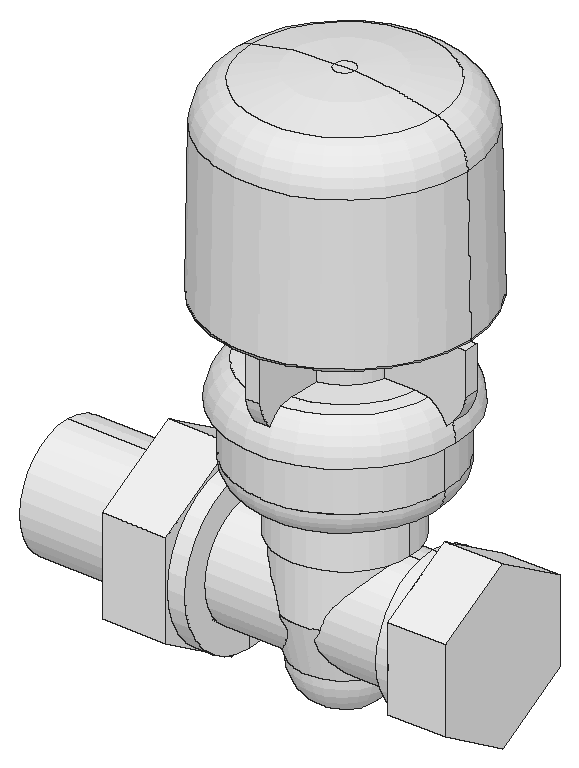
Revit family "RA-DV_Straight_DN10-20_F_Aero_RFA_1", category Pipe Accessories, Revit 2019
Family settings
  Round Connector Dimension = Use Diameter
  Part Type = Valve - Breaks Into
  OmniClass Number = 23.65.55.14.17
  OmniClass Title = Adjusting/Controlling Valves for Liquid Services
  Work Plane-Based = No
  Always vertical = Yes
  Cut with Voids When Loaded = No
  Shared = No
Parameters (values of type "RA-DV_Straight_DN20_F_013G7716")
  Weight = 0.19 kg
  W = if(or(Sensor Type = [015G4540], Sensor Type = [015G4544], Sensor Type = [015G4542]), 61.00 mm, 56.00 mm)  # 56.00 mm
  Valve Body Material = Danfoss Nickel Plated Brass
  URL = "https://store.danfoss.com/en/Climate-Solutions-for-heating/Radiator-Thermostats/Radiator-Valves/Build-on-valves/Dynamic-Valves/c/13865?q=%3Arelevance%3Adanfoss_producttypehierarchydesc%3ARA-DV%3Adanfoss_a223339155%3AA223_3391558c5e50fab3748e9c53a6863b3dce1401&page=0&pageSize=10"
  TT = 18.35 mm
  TB = 18.35 mm
  T3 = 8.336 mm
  T2 = 13.20 mm
  T1 = 12.70 mm
  Setting Range = "1-7,N"  # constant formula
  Sensor Type = Aero Sensors_RA_RFA_1 : Aero Sensors_Built-in_7-28 °C
  SH_L = (LL - LL2) + LR + LL3  # 74.10 mm
  R8 = 13.50 mm
  R7 = 1.008 mm
  R6 = 5.00 mm
  R5 = 8.277 mm
  R4 = 10.00 mm  # constant formula
  R3 = 8.277 mm
  R2 = 11.525 mm
  R1 = 14.455 mm
  Pressure Drop [instance] = 0.0 bar
  PTR = 2.70 mm
  PTL = 4.00 mm
  PHR = 15.60 mm
  PHL = 18.10 mm
  Model Type = "RA-DV_Straight_DN20_F"
  Model = "013G7716"
  Min Medium Temperature = "2 °C"  # constant formula
  Min Differential Pressure = "0.1 bar"  # constant formula
  Max Operating Pressure = "10 bar"  # constant formula
  Max Medium Temperature = "95 °C"  # constant formula
  Max Flow (Text) = "135 l/h"  # constant formula
  Max Differential Pressure = "0.6 bar"  # constant formula
  Manufacturer = "Danfoss"  # constant formula
  LR2 = 12.90 mm
  LR1 = 0.652 mm
  LR = 35.00 mm
  LOD 350 = not(LOD 200)  # yes
  LOD 200 = no
  LL3 = 14.00 mm
  LL2 = 36.50 mm
  LL = 61.60 mm
  L [instance] = 96.60 mm
  IfcExportType = "RA-DV"  # constant formula
  IfcExportAs = "IfcValveType"  # constant formula
  Hex22 = 31.70 mm
  Hex2 = 36.60 mm
  Hex11 = 36.70 mm
  Hex1 = 42.40 mm
  Ha [instance] = 105.00 mm
  HT7 = 3.85 mm
  HT6 = 3.75 mm
  HT5 = 3.40 mm
  HT4 = 9.924 mm
  HT3 = 1.826 mm
  HT2 = 7.70 mm
  HT1 = 21.00 mm
  HB2 = 10.00 mm
  HB1 = 11.00 mm
  H [instance] = 126.00 mm
  Flow [instance] = 0.0 L/s
  Description = "Thermostatic Radiator Valve"  # constant formula
  D = 20.00 mm
  Application = "2-Pipe System"  # constant formula
  015G4544 = Aero Sensors_RA_RFA_1 : Aero Sensors_Tamperproof_Built-in_7-21 °C_015G4544
  015G4542 = Aero Sensors_RA_RFA_1 : Aero Sensors_Tamperproof_Remote_7-26 °C_015G4542
  015G4540 = Aero Sensors_RA_RFA_1 : Aero Sensors_Tamperproof_Built-in_7-28 °C_015G4540
Reference planes
  plane 1 "Center (Front/Back)": y = 0
  plane 2: z = 0
  plane 3 "Center (Left/Right)": x = 0
  plane 4 "Sensor": z = 21
  plane 5: x = -61.6
  plane 6 "LL": x = -25.1
  plane 7 "LR": x = 22.1
  plane 8: x = 35
  plane 9: z = 51.45
  plane 10: z = 47.6
  plane 11: z = 43.85
  plane 12: z = 40.45
  plane 13: z = 30.526
  plane 14: z = 28.7
  plane 15: z = 12.664
  plane 16: z = -11
  plane 17: z = -21
  plane 18: x = -39.1
  plane 19: x = -2.05
  plane 20: y = 28
  plane 21: y = -28
Forms (mm)
  Revolve 1, solid, material "Danfoss Nickel Plated Brass" <- "Valve Body Material", detail levels fine
    sketch origin (0, 0, 0) x (1, 0, 0) y (0, 0, 1)
      loop
        line (-61.6, 0) -> (-25.1, 0) -> (-25.1, 13.2) -> (-61.6, 13.2) -> (-61.6, 0)
      axis (-61.6, 0) -> (-25.1, 0)
    angle from 0 to 360
  Revolve 2, solid, material "Danfoss Nickel Plated Brass" <- "Valve Body Material", detail levels fine
    sketch origin (0, 0, 0) x (1, 0, 0) y (0, 0, 1)
      loop
        line (22.1, 12.7) -> (-25.1, 12.7) -> (-25.1, 0) -> (22.1, 0) -> (22.1, 12.7)
      axis (22.1, 0) -> (-25.1, 0)
    angle from 0 to 360
  Revolve 3, solid, material "Danfoss Brass", visible <- "LOD 350", detail levels fine
    sketch origin (0, 0, 0) x (1, 0, 0) y (0, 0, 1)
      loop
        line (0, 47.6) -> (-5, 47.6) -> (-5, 43.85) -> (-8.277, 43.85) -> (-8.277, 40.45) -> (0, 40.45) -> (0, 47.6)
      loop
        line (-8.277, 30.526) -> (-8.277, 28.7) -> (-11.525, 28.7) -> (-11.525, 21) -> (0, 21) -> (0, 30.526) -> (-8.277, 30.526)
      axis (0, 21) -> (0, 47.6)
    angle from 0 to 360
  Revolve 4, solid, material "Danfoss Nickel Plated Brass" <- "Valve Body Material", visible <- "LOD 350", detail levels fine
    sketch origin (0, 0, 0) x (1, 0, 0) y (0, 0, 1)
      loop
        line (13.5, 0) -> (13.5, 12.664) -> (14.455, 12.664) -> (14.455, 21) -> (0, 21) -> (0, -20.979)
        arc (0, -20.979) -> (7.401, -18.379) -> (10.65, -11.239) r 10
        line (10.65, -11.239) -> (13.5, 0)
      axis (0, -20.979) -> (0, 21)
    angle from 0 to 360
  Revolve 5, solid, material "Danfoss Nickel Plated Brass" <- "Valve Body Material", visible <- "LOD 350", detail levels fine
    sketch origin (0, 0, 0) x (1, 0, 0) y (0, 0, 1)
      loop
        line (-25.1, 18.1) -> (-25.1, 0) -> (-21.1, 0) -> (-21.1, 18.1) -> (-25.1, 18.1)
      axis (-25.1, 0) -> (-21.1, 0)
    angle from 0 to 360
  Revolve 6, solid, material "Danfoss Nickel Plated Brass" <- "Valve Body Material", visible <- "LOD 350", detail levels fine
    sketch origin (0, 0, 0) x (1, 0, 0) y (0, 0, 1)
      loop
        line (22.1, 15.6) -> (19.4, 15.6) -> (19.4, 0) -> (22.1, 0) -> (22.1, 15.6)
      axis (19.4, 0) -> (22.1, 0)
    angle from 0 to 360
  Extrusion 7, solid, material "Danfoss Nickel Plated Brass" <- "Valve Body Material", visible <- "LOD 350", detail levels fine
    sketch origin (0, 0, 0) x (1, 0, 0) y (0, 0, 1)
      loop
        line (0, 0) -> (-26.668, 0) -> (-7.699, -18.969)
        arc (-7.699, -18.969) -> (-4.013, -20.598) -> (0, -20.97) r 12.5
        line (0, -20.97) -> (0, 0)
    from -2 to 2
  Extrusion 8, solid, material "Danfoss Nickel Plated Brass" <- "Valve Body Material", visible <- "LOD 200", detail levels fine
    sketch origin (-25.1, 0, 0) x (0, 0, -1) y (0, -1, 0)
      loop
        circle (0, 0) r 21.2
    from 0 to 14
  Extrusion 9, solid, material "Danfoss Nickel Plated Brass" <- "Valve Body Material", visible <- "LOD 200", detail levels fine
    sketch origin (22.1, 0, 0) x (0, 0, -1) y (0, -1, 0)
      loop
        circle (0, 0) r 18.3
    from 0 to -12.9
  Revolve 10, solid, material "Danfoss Nickel Plated Brass" <- "Valve Body Material", visible <- "LOD 200", detail levels fine
    sketch origin (0, 0, 0) x (1, 0, 0) y (0, 0, 1)
      loop
        line (10, -14.553) -> (10, 12.664) -> (14.455, 12.664) -> (14.455, 21) -> (0, 21) -> (0, -20.979)
        arc (0, -20.979) -> (6.058, -19.413) -> (10, -14.553) r 10
      axis (0, -20.979) -> (0, 21)
    angle from 0 to 360
  Revolve 11, solid, material "Danfoss Brass", visible <- "LOD 200", detail levels fine
    sketch origin (0, 0, 0) x (1, 0, 0) y (0, 0, 1)
      loop
        line (-5, 47.6) -> (-5, 40.45) -> (0, 40.45) -> (0, 47.6) -> (-5, 47.6)
      axis (0, 47.6) -> (0, 40.45)
    angle from 0 to 360
  Revolve 12, solid, material "Danfoss Nickel Plated Brass" <- "Valve Body Material", detail levels fine
    sketch origin (0, 0, 0) x (1, 0, 0) y (0, 0, 1)
      loop
        line (0, 51.45) -> (-1.008, 51.45) -> (-1.008, 47.6) -> (0, 47.6) -> (0, 51.45)
      axis (0, 51.45) -> (0, 47.6)
    angle from 0 to 360
  Revolve 13, solid, material "Danfoss Plastic Green", detail levels fine
    sketch origin (0, 0, 0) x (1, 0, 0) y (0, 0, 1)
      loop
        line (0, 40.45) -> (-10, 40.45) -> (-10, 30.526) -> (0, 30.526) -> (0, 40.45)
      axis (0, 40.45) -> (0, 30.526)
    angle from 0 to 360
  Revolve 14, solid, material "Danfoss Brass", visible <- "LOD 200", detail levels fine
    sketch origin (0, 0, 0) x (1, 0, 0) y (0, 0, 1)
      loop
        line (0, 30.526) -> (-11.525, 30.526) -> (-11.525, 21) -> (0, 21) -> (0, 30.526)
      axis (0, 30.526) -> (0, 21)
    angle from 0 to 360
Dimensions and locks
  "LL": plane 3 "Center (Left/Right)" to plane 5
  "LR": plane 8 to plane 3 "Center (Left/Right)"
  "LR2": plane 7 "LR" to plane 8
  "LL2": plane 5 to plane 6 "LL"
  "HT1": plane 4 "Sensor" to level
  "T3": plane 4 "Sensor" to plane 15
  "HT2": plane 14 to plane 4 "Sensor"
  "HT3": plane 13 to plane 14
  "HT4": plane 12 to plane 13
  "HT5": plane 11 to plane 12
  "HT6": plane 10 to plane 11
  "HT7": plane 9 to plane 10
  "T2": Revolve 1 sketch curve to level
  "T1": Revolve 2 sketch curve to level
  "R6": plane 3 "Center (Left/Right)" to Revolve 3 sketch curve
  "R5": plane 3 "Center (Left/Right)" to Revolve 3 sketch curve
  "R3": plane 3 "Center (Left/Right)" to Revolve 3 sketch curve
  "R2": Revolve 3 sketch curve to plane 3 "Center (Left/Right)"
  "R8": Revolve 4 sketch curve to plane 3 "Center (Left/Right)"
  "HB1": level to Revolve 4 sketch curve
  "LR1": Revolve 4 sketch curve to plane 3 "Center (Left/Right)"
  "PTL": plane 6 "LL" to Revolve 5 sketch curve
  "PHL": Revolve 5 sketch curve to level
  "PTR": Revolve 6 sketch curve to plane 7 "LR"
  "PHR": Revolve 6 sketch curve to level
  "R1": Revolve 4 sketch curve to plane 3 "Center (Left/Right)"
  "HB2": plane 16 to plane 17
  "HB1": level to plane 16
  "LL3": plane 18 to plane 6 "LL"
  equal spacing: plane 18, plane 19, plane 8
  "HB2": Revolve 10 sketch curve to plane 3 "Center (Left/Right)"
  "R1": Revolve 10 sketch curve to plane 3 "Center (Left/Right)"
  "HB1": level to Revolve 10 sketch curve
  locked: plane 3 "Center (Left/Right)" to Extrusion 7 sketch curve at 26.668
  level to Extrusion 7 sketch curve = 8.50 mm
  "H": nested 4 to plane 17
  "L": plane 5 to plane 8
  equal spacing: plane 20, plane 1 "Center (Front/Back)", plane 21
  "W": plane 20 to plane 21
  plane 3 "Center (Left/Right)" to Revolve 11 sketch curve = 5.00 mm
  "R4": Revolve 13 sketch curve to Revolve 13 sketch curve
  Revolve 14 sketch curve to Revolve 14 sketch curve = 11.525 mm
  Revolve 12 sketch curve to plane 3 "Center (Left/Right)" = 1.008 mm
  "Ha": nested 4 to plane 2
  "HB2": radius of Revolve 4 sketch curve
  "Hex1": diameter of Extrusion 8 sketch curve
  "Hex2": diameter of Extrusion 9 sketch curve
  "HB2": radius of Revolve 10 sketch curve
  radius of Extrusion 7 sketch curve = 12.50 mm
  angle plane 3 "Center (Left/Right)" to Extrusion 7 sketch curve = 45.00°
  aligned and locked: level to plane 2
  aligned and locked: Revolve 1 sketch curve to plane 2  (x2)
  aligned and locked: plane 5 to Revolve 1 sketch curve
  aligned and locked: Revolve 1 sketch curve to plane 6 "LL"
  aligned and locked: Revolve 2 sketch curve to plane 7 "LR"
  aligned and locked: plane 6 "LL" to Revolve 2 sketch curve
  aligned and locked: Revolve 2 sketch curve to level
  aligned and locked: plane 2 to Revolve 2 sketch curve
  aligned and locked: plane 3 "Center (Left/Right)" to Revolve 3 sketch curve  (x3)
  aligned and locked: plane 4 "Sensor" to Revolve 3 sketch curve
  aligned and locked: Revolve 3 sketch curve to plane 14
  aligned and locked: Revolve 3 sketch curve to plane 11
  aligned and locked: Revolve 3 sketch curve to plane 10
  aligned and locked: plane 3 "Center (Left/Right)" to Revolve 4 sketch curve
  aligned and locked: plane 15 to Revolve 4 sketch curve
  aligned and locked: Revolve 4 sketch curve to plane 3 "Center (Left/Right)"
  aligned and locked: level to Revolve 4 sketch curve
  aligned and locked: Revolve 5 sketch curve to plane 6 "LL"
  aligned and locked: plane 2 to Revolve 5 sketch curve
  aligned and locked: Revolve 5 sketch curve to plane 2
  aligned and locked: Revolve 6 sketch curve to plane 7 "LR"
  aligned and locked: Revolve 6 sketch curve to plane 2
  aligned and locked: level to nested 1
  aligned and locked: nested 1 to plane 1 "Center (Front/Back)"
  aligned and locked: level to nested 2
  aligned and locked: plane 1 "Center (Front/Back)" to nested 3
  aligned and locked: nested 2 to plane 6 "LL"
  aligned and locked: Extrusion 9 to plane 8
  aligned and locked: plane 18 to Extrusion 8
  aligned and locked: Extrusion 7 sketch curve to level
  aligned and locked: Extrusion 7 sketch curve to plane 3 "Center (Left/Right)"
  aligned and locked: Revolve 11 sketch curve to Revolve 3
  aligned and locked: Revolve 11 sketch curve to plane 3 "Center (Left/Right)"  (x2)
  aligned and locked: Revolve 12 sketch curve to plane 3 "Center (Left/Right)"  (x2)
  aligned and locked: Revolve 12 sketch curve to plane 9
  aligned and locked: Revolve 11 to Revolve 12 sketch curve
  aligned and locked: Revolve 13 sketch curve to plane 3 "Center (Left/Right)"  (x2)
  aligned and locked: Revolve 14 sketch curve to plane 3 "Center (Left/Right)"  (x2)
  aligned and locked: Revolve 14 sketch curve to Revolve 13
  aligned and locked: Revolve 10 to Revolve 14 sketch curve
  aligned and locked: Revolve 3 sketch curve to plane 12
  aligned and locked: Revolve 3 sketch curve to plane 13
  aligned and locked: plane 3 "Center (Left/Right)" to nested 4
  aligned and locked: plane 1 "Center (Front/Back)" to nested 4
  aligned and locked: nested 4 to plane 4 "Sensor"
  aligned and locked: nested 3 to plane 8
  aligned and locked: plane 2 to nested 3
Automatic sketch dimensions
  Extrusion 7 sketch curve to plane 3 "Center (Left/Right)" = 0.869 mm
  plane 17 to Revolve 11 sketch curve = 345.045 mm
  Revolve 11 sketch curve to plane 9 = 2162.865 mm
  plane 11 to Revolve 12 sketch curve = 0.832 mm
  Revolve 12 sketch curve to plane 9 = 6.568 mm
  plane 17 to Revolve 14 sketch curve = 345.045 mm
  Revolve 14 sketch curve to plane 9 = 2162.865 mm
  Revolve 11 sketch curve to plane 12 = 0.00 mm
  plane 5 to Revolve 1 sketch curve = 35.00 mm
  Revolve 1 sketch curve to Revolve 1 sketch curve = 10.00 mm
  Revolve 2 sketch curve to plane 8 = 21.15 mm
  Revolve 2 sketch curve to Revolve 2 sketch curve = 5.00 mm
  Revolve 3 sketch curve to plane 9 = 8.15 mm
  Revolve 3 sketch curve to Revolve 3 sketch curve = 5.00 mm
  Revolve 4 sketch curve to plane 4 "Sensor" = 0.00 mm
  plane 16 to Revolve 4 sketch curve = 0.239 mm
  Revolve 4 sketch curve to plane 9 = 12.995 mm
  Revolve 4 sketch curve to Revolve 4 sketch curve = 10.00 mm
  plane 5 to Revolve 5 sketch curve = 6.452 mm
  Revolve 5 sketch curve to Revolve 5 sketch curve = 6.248 mm
  Revolve 6 sketch curve to level = 0.00 mm
  plane 5 to Revolve 6 sketch curve = 403.008 mm
  Revolve 6 sketch curve to Revolve 6 sketch curve = 5.00 mm
  Extrusion 8 sketch curve to level = 0.00 mm
  Extrusion 8 sketch curve to plane 1 "Center (Front/Back)" = 0.00 mm
  Extrusion 9 sketch curve to level = 0.00 mm
  Extrusion 9 sketch curve to plane 1 "Center (Front/Back)" = 0.00 mm
  Revolve 10 sketch curve to plane 3 "Center (Left/Right)" = 0.00 mm  (x2)
  Revolve 10 sketch curve to plane 15 = 0.00 mm
  Revolve 10 sketch curve to plane 4 "Sensor" = 0.00 mm
  plane 3 "Center (Left/Right)" to Revolve 10 sketch curve = 0.652 mm
  Revolve 10 sketch curve to plane 9 = 12.995 mm
  Revolve 10 sketch curve to Revolve 10 sketch curve = 10.00 mm
  Revolve 13 sketch curve to plane 13 = 0.00 mm
  Revolve 13 sketch curve to plane 12 = 0.00 mm
  plane 17 to Revolve 13 sketch curve = 345.045 mm
  Revolve 13 sketch curve to plane 9 = 2162.865 mm
Nested families
  nested 1: "Hexagon" at (22.1, 0, 0) x (0, 0, 1) z (1, 0, 0), h <- "LR2", a <- "Hex22", Body Material <- "Valve Body Material", visible <- "LOD 350", type "Hexagon"
    with h 12.90 mm, b 15.85 mm, a 31.70 mm, Body Material Danfoss Nickel Plated Brass
  nested 2: "Hexagon" at (-25.1, 0, 0) x (0, 0, 1) z (-1, 0, 0), h <- "LL3", a <- "Hex11", visible <- "LOD 350", Body Material <- "Valve Body Material", type "Hexagon"
    with h 14.00 mm, b 18.35 mm, a 36.70 mm, Body Material Danfoss Nickel Plated Brass
  nested 3: "Schematic_Pressure Independent TRV_Sensor_Straight" at (-2.05, 0, 0), type "Schematic_Pressure Independent TRV_Sensor_Straight", detail levels coarse+medium
    with L/4_2 2.316 mm, L/2 37.05 mm, H/3_2 30.50 mm, H/3_1 7.32 mm, H/3 24.70 mm, L/4 14.82 mm, L 74.10 mm, H/8 9.263 mm, H/2 37.05 mm, H 109.80 mm, D 36.60 mm
  nested 4: "Aero Sensors_RA_RFA_1" at (0, 0, 21), LOD 200 <- "LOD 200", type <- "Sensor Type", type "Aero Sensors_Built-in_7-28 °C", detail levels fine
    with Y' 700.00 mm, X' 700.00 mm, LOD 350 yes, LOD 200 no, Box Z Offset 100.00 mm, Box Y Offset 100.00 mm, Box X Offset 100.00 mm
Connectors
  piping at (35, 0, 0), diameter 20, driven by "D", driven by "Flow"
    settings: on nested 1, index 1, connector inside diameter 609.6 mm, connector length 0.00 mm, flow factor 0, pipe flow 0.0 L/s, pressure drop 0.0 bar, fitting loss kfactor 0, connector angle 0.00°, fixture units 0, engagement length 0.00 mm, angle of deflection 0.00°, flow configuration 0, flow direction 1, fitting loss method 0, system type 29, joint type 0, gender type 0, connector reference index 2, connector utility 0, adjustable connector no, is connector primary yes, connector description ""
  piping at (-39.1, 0, 0), diameter 20, driven by "D", driven by "Flow"
    settings: on Extrusion 8, index 2, connector inside diameter 609.6 mm, connector length 0.00 mm, flow factor 0, pipe flow 0.0 L/s, pressure drop 0.0 bar, fitting loss kfactor 0, connector angle 0.00°, fixture units 0, engagement length 0.00 mm, angle of deflection 0.00°, flow configuration 0, flow direction 2, fitting loss method 0, system type 29, joint type 0, gender type 0, connector reference index 1, connector utility 0, adjustable connector no, is connector primary no, connector description ""
Definition of nested family "Hexagon"
  Parameters (values of type "Hexagon")
    h [instance] = 4.00 mm
    b [instance] = a / 2  # 10.00 mm
    a [instance] = 20.00 mm
    Default Elevation = 1219.20 mm
    Body Material [instance] = none
  Reference planes
    plane 1 "Center (Front/Back)": y = 0
    plane 2: z = 0
    plane 3 "Center (Left/Right)": x = 0
    plane 4: z = 4
  Forms (mm)
    Extrusion 1, solid
      sketch origin (0, 0, 0) x (1, 0, 0) y (0, 1, 0)
        loop
          line (-1219.2, 1219.2) -> (-1219.2, -1219.2) -> (1219.2, -1219.2) -> (1219.2, 1219.2) -> (-1219.2, 1219.2)
      from 0 to -304.8
    Extrusion 2, solid, material <- "Body Material", detail levels fine
      sketch origin (0, 0, 0) x (1, 0, 0) y (0, 1, 0)
        loop
          line (5.774, 10) -> (-5.774, 10) -> (-11.547, 0) -> (-5.774, -10) -> (5.774, -10) -> (11.547, 0) -> (5.774, 10)
      from 0 to 4
  Lines and regions (mm)
    reference lines
      curve 1: line (125, -216.506, 0) -> (-125, 216.506, 0)
      curve 2: line (-125, -216.506, 0) -> (125, 216.506, 0)
  Dimensions and locks
    "h": plane 4 to level
    "b": curve 1 to Extrusion 2 sketch curve
    "b": Extrusion 2 sketch curve to curve 1
    "b": Extrusion 2 sketch curve to curve 2  (x2)
    "b": plane 1 "Center (Front/Back)" to Extrusion 2 sketch curve
    "b": Extrusion 2 sketch curve to plane 1 "Center (Front/Back)"
    aligned and locked: plane 2 to Extrusion 1
    aligned and locked: level to Extrusion 1
    aligned and locked: plane 4 to Extrusion 2
  Automatic sketch dimensions
    Extrusion 1 sketch curve to Extrusion 1 sketch curve = 2438.40 mm  (x2)
    curve 1 to plane 3 "Center (Left/Right)" = 125.00 mm
    plane 1 "Center (Front/Back)" to curve 2 = 216.506 mm
    curve 2 to plane 3 "Center (Left/Right)" = 125.00 mm
    plane 3 "Center (Left/Right)" to curve 2 = 125.00 mm
    plane 3 "Center (Left/Right)" to curve 1 = 125.00 mm
    plane 1 "Center (Front/Back)" to curve 1 = 216.506 mm
    curve 2 to plane 1 "Center (Front/Back)" = 216.506 mm
    curve 1 to plane 1 "Center (Front/Back)" = 216.506 mm
Definition of nested family "Aero Sensors_RA_RFA_1"
  Parameters (values of type "Aero Sensors_Built-in_7-28 °C")
    YH = XYadd - H'  # 516.00 mm
    Y' [instance] = if(Box Y Offset < -1 * XYlimit, XYadd - XYlimit, (if(Box Y Offset > XYlimit, XYadd + XYlimit, Box Y Offset + XYadd)))  # 700.00 mm
    XYadd = XYlimit + 100.00 mm  # 600.00 mm
    X' [instance] = if(Box X Offset < -1 * XYlimit, XYadd - XYlimit, (if(Box X Offset > XYlimit, XYadd + XYlimit, Box X Offset + XYadd)))  # 700.00 mm
    XYlimit = 500.00 mm
    W [instance] = 56.00 mm
    Min Temperature Setting = "7 °C"
    Max Temperature Setting = "28 °C"
    Max Capillary Tube Length = 0.00 mm
    Sensor Media = "Gas"  # constant formula
    Remote Sensor = if(RS = 1, 1 = 1, 1 = 0)  # no
    Box Z Offset [instance] = 100.00 mm  # constant formula
    URL = "https://store.danfoss.com/en/Climate-Solutions-for-heating/Radiator-Thermostats/Radiator-sensors/Room-sensor-mTRV/Sensors-for-Danfoss-RA-valves/c/13884?q=%3Arelevance%3Adanfoss_producttypehierarchydesc%3ADanfoss+Aero%C2%AE+Sensors%3Adanfoss_a1186338575%3AA1186_3385757565fa0f3e171a343b2fd2a01064cb82&text="
    RS = 0
    Model Type = "Aero Sensors_Built-in_7-28 °C"
    Model = "015G4590,015G4594,015G4580,015G5201,015G4595,015G4598"
    Manufacturer = "Danfoss"  # constant formula
    LOD 350 [instance] = not(LOD 200)  # yes
    LOD 200 [instance] = no
    L [instance] = 56.00 mm
    IfcExportType = "Aero Sensors"  # constant formula
    IfcExportAs = "IfcActuatorType"  # constant formula
    H' = 84.00 mm
    H [instance] = 84.00 mm
    Description = "Radiator Sensor"  # constant formula
    Connection = "RA"  # constant formula
    Box Y Offset [instance] = 100.00 mm
    Box X Offset [instance] = 100.00 mm
    Body Material = none
    Aero Sensor = Aero_RFA : Aero Sensors
  Types (10, lengths in mm): name | YH | Y' | XYadd | X' | XYlimit | W | Min Temperature Setting | Max Temperature Setting | Max Capillary Tube Length | Remote Sensor | URL | RS | Model Type | Model | L | Aero Sensor
    Aero Sensors_Built-in_7-28 °C | 516.00 | 700.00 | 600.00 | 700.00 | 500.00 | 56.00 | "7 °C" | "28 °C" | 0.00 | no | "https://store.danfoss.com/en/Climate-Solutions-for-heating/Radiator-Thermostats/Radiator-sensors/Room-sensor-mTRV/Sensors-for-Danfoss-RA-valves/c/13884?q=%3Arelevance%3Adanfoss_producttypehierarchydesc%3ADanfoss+Aero%C2%AE+Sensors%3Adanfoss_a1186338575%3AA1186_3385757565fa0f3e171a343b2fd2a01064cb82&text=" | 0 | "Aero Sensors_Built-in_7-28 °C" | "015G4590,015G4594,015G4580,015G5201,015G4595,015G4598" | 56.00 | Aero_RFA : Aero Sensors
    Aero Sensors_Tamperproof_Built-in_7-28 °C_015G4540 | 516.00 | 700.00 | 600.00 | 700.00 | 500.00 | 61.00 | "7 °C" | "28 °C" | 0.00 | no | "https://store.danfoss.com/en/Climate-Solutions-for-heating/Radiator-Thermostats/Radiator-sensors/Room-sensor-mTRV/Sensors-for-Danfoss-RA-valves/c/13884?q=%3Arelevance%3Adanfoss_producttypehierarchydesc%3ADanfoss+Aero%C2%AE+Sensors%3Adanfoss_a1186338575%3AA1186_3385757565fa0f3e171a343b2fd2a01064cb82&text=" | 0 | "Aero Sensors_Tamperproof_Built-in_7-28 °C" | "015G4540" | 61.00 | Aero_RFA : Aero Sensors_Tamper
    Aero Sensors_Remote_7-26 °C_015G4592 | 1016.00 | 1200.00 | 1100.00 | 1200.00 | 1000.00 | 56.00 | "7 °C" | "26 °C" | 2000.00 | yes | "https://store.danfoss.com/en/Climate-Solutions-for-heating/Radiator-Thermostats/Radiator-sensors/Room-sensor-mTRV/Sensors-for-Danfoss-RA-valves/c/13884?q=%3Arelevance%3Adanfoss_producttypehierarchydesc%3ADanfoss+Aero%C2%AE+Sensors%3Adanfoss_a1186338575%3AA1186_3385756922a4d78decdb47e1e9a53dbb12a95d&text=" | 1 | "Aero Sensors_Remote_7-26 °C" | "015G4592" | 56.00 | Aero_RFA : Aero Sensors
    Aero Sensors_Tamperproof_Remote_7-26 °C_015G4542 | 1016.00 | 1200.00 | 1100.00 | 1200.00 | 1000.00 | 61.00 | "7 °C" | "26 °C" | 2000.00 | yes | "https://store.danfoss.com/en/Climate-Solutions-for-heating/Radiator-Thermostats/Radiator-sensors/Room-sensor-mTRV/Sensors-for-Danfoss-RA-valves/c/13884?q=%3Arelevance%3Adanfoss_producttypehierarchydesc%3ADanfoss+Aero%C2%AE+Sensors%3Adanfoss_a1186338575%3AA1186_3385756922a4d78decdb47e1e9a53dbb12a95d&text=" | 1 | "Aero Sensors_Tamperproof_Remote_7-26 °C" | "015G4542" | 61.00 | Aero_RFA : Aero Sensors_Tamper
    Aero Sensors_Built-in_16-28 °C | 516.00 | 700.00 | 600.00 | 700.00 | 500.00 | 56.00 | "16 °C" | "28 °C" | 0.00 | no | "https://store.danfoss.com/en/Climate-Solutions-for-heating/Radiator-Thermostats/Radiator-sensors/Room-sensor-mTRV/Sensors-for-Danfoss-RA-valves/c/13884?q=%3Arelevance%3Adanfoss_producttypehierarchydesc%3ADanfoss+Aero%C2%AE+Sensors%3Adanfoss_a1186338575%3AA1186_3385757565fa0f3e171a343b2fd2a01064cb82&text=" | 0 | "Aero Sensors_Built-in_16-28 °C" | "015G4596,015G5200" | 56.00 | Aero_RFA : Aero Sensors
    Aero Sensors_Built-in_7-21 °C | 516.00 | 700.00 | 600.00 | 700.00 | 500.00 | 56.00 | "7 °C" | "21 °C" | 0.00 | no | "https://store.danfoss.com/en/Climate-Solutions-for-heating/Radiator-Thermostats/Radiator-sensors/Room-sensor-mTRV/Sensors-for-Danfoss-RA-valves/c/13884?q=%3Arelevance%3Adanfoss_producttypehierarchydesc%3ADanfoss+Aero%C2%AE+Sensors%3Adanfoss_a1186338575%3AA1186_3385757565fa0f3e171a343b2fd2a01064cb82&text=" | 0 | "Aero Sensors_Built-in_7-21 °C" | "015G4690,015G4680" | 56.00 | Aero_RFA : Aero Sensors
    Aero Sensors_Built-in_7-22 °C_015G4622 | 516.00 | 700.00 | 600.00 | 700.00 | 500.00 | 56.00 | "7 °C" | "22 °C" | 0.00 | no | "https://store.danfoss.com/en/Climate-Solutions-for-heating/Radiator-Thermostats/Radiator-sensors/Room-sensor-mTRV/Sensors-for-Danfoss-RA-valves/c/13884?q=%3Arelevance%3Adanfoss_producttypehierarchydesc%3ADanfoss+Aero%C2%AE+Sensors%3Adanfoss_a1186338575%3AA1186_3385757565fa0f3e171a343b2fd2a01064cb82&text=" | 0 | "Aero Sensors_Built-in_7-22 °C" | "015G4622" | 56.00 | Aero_RFA : Aero Sensors
    Aero Sensors_Built-in_7-23 °C | 516.00 | 700.00 | 600.00 | 700.00 | 500.00 | 56.00 | "7 °C" | "23 °C" | 0.00 | no | "https://store.danfoss.com/en/Climate-Solutions-for-heating/Radiator-Thermostats/Radiator-sensors/Room-sensor-mTRV/Sensors-for-Danfoss-RA-valves/c/13884?q=%3Arelevance%3Adanfoss_producttypehierarchydesc%3ADanfoss+Aero%C2%AE+Sensors%3Adanfoss_a1186338575%3AA1186_3385757565fa0f3e171a343b2fd2a01064cb82&text=" | 0 | "Aero Sensors_Built-in_7-23 °C" | "015G4623,015G5205" | 56.00 | Aero_RFA : Aero Sensors
    Aero Sensors_Remote_7-21 °C | 1016.00 | 1200.00 | 1100.00 | 1200.00 | 1000.00 | 56.00 | "7 °C" | "21 °C" | 2000.00 | yes | "https://store.danfoss.com/en/Climate-Solutions-for-heating/Radiator-Thermostats/Radiator-sensors/Room-sensor-mTRV/Sensors-for-Danfoss-RA-valves/c/13884?q=%3Arelevance%3Adanfoss_producttypehierarchydesc%3ADanfoss+Aero%C2%AE+Sensors%3Adanfoss_a1186338575%3AA1186_3385756922a4d78decdb47e1e9a53dbb12a95d&text=" | 1 | "Aero Sensors_Remote_7-21 °C" | "015G4692,015G4682" | 56.00 | Aero_RFA : Aero Sensors
    Aero Sensors_Tamperproof_Built-in_7-21 °C_015G4544 | 516.00 | 700.00 | 600.00 | 700.00 | 500.00 | 61.00 | "7 °C" | "21 °C" | 0.00 | no | "https://store.danfoss.com/en/Climate-Solutions-for-heating/Radiator-Thermostats/Radiator-sensors/Room-sensor-mTRV/Sensors-for-Danfoss-RA-valves/c/13884?q=%3Arelevance%3Adanfoss_producttypehierarchydesc%3ADanfoss+Aero%C2%AE+Sensors%3Adanfoss_a1186338575%3AA1186_3385757565fa0f3e171a343b2fd2a01064cb82&text=" | 0 | "Aero Sensors_Tamperproof_Built-in_7-21 °C" | "015G4544" | 61.00 | Aero_RFA : Aero Sensors_Tamper
  Reference planes
    plane 1 "Center (Front/Back)": y = 0
    plane 2: z = 0
    plane 3 "Center (Left/Right)": x = 0
    plane 4: x = -600
    plane 5: z = -516
    plane 6: z = 184
    plane 7: z = 84
  Lines and regions (mm)
    reference lines
      curve 1: line (100, 100, 0) -> (100, 0, 0)
      curve 2: line (17.515, 100, 0) -> (-57.515, 100, 0)
  Dimensions and locks
    "XYadd": plane 4 to plane 3 "Center (Left/Right)"
    "YH": level to plane 5
    locked: plane 1 "Center (Front/Back)" to curve 2 at 100
    "Y'": plane 6 to plane 5
    "X'": plane 4 to curve 1
    "Box Z Offset": nested 1 to plane 1 "Center (Front/Back)"
    nested 1 to plane 3 "Center (Left/Right)" = 100.00 mm
    "H": nested 2 to level
    nested 1 to nested 2 = 100.00 mm
    "L": nested 2 to nested 2
    "W": nested 2 to nested 2
    aligned and locked: level to plane 2
    aligned and locked: curve 1 to nested 1
    aligned and locked: plane 6 to nested 1
    aligned and locked: plane 3 "Center (Left/Right)" to nested 2
    aligned and locked: nested 2 to level
    aligned and locked: plane 1 "Center (Front/Back)" to nested 2
    aligned and locked: plane 7 to nested 2
  Automatic sketch dimensions
    plane 1 "Center (Front/Back)" to curve 1 = 0.00 mm
    plane 3 "Center (Left/Right)" to curve 2 = 17.515 mm
    curve 2 to plane 3 "Center (Left/Right)" = 57.515 mm
  Nested families
    nested 1: "Remote sensor_box_RFA" at (100, 100, 184) x (-1, 0, 0) z (0, -1, 0), LOD 200 <- "LOD 200", Body Material <- "Body Material", visible <- "Remote Sensor", type "Remote sensor_box"
      with LOD 350 yes, LOD 200 no, Body Material none
    nested 2: "Aero_RFA" at (0, 0, 0), type <- "Aero Sensor", type "Aero Sensors", detail levels fine
  Definition of nested family "Remote sensor_box_RFA"
    Parameters (values of type "Remote sensor_box")
      W [instance] = 56.00 mm
      URL = ""
      Sensor Media = "Gas Sensor"  # constant formula
      Model = ""
      Manufacturer = "Danfoss"  # constant formula
      LOD 350 [instance] = not(LOD 200)  # no
      LOD 200 [instance] = yes
      L [instance] = 26.00 mm
      IfcExportType = "Remote Gas Sensor"  # constant formula
      IfcExportAs = "IfcActuatorType"  # constant formula
      H [instance] = 25.00 mm
      Description = "Radiator Sensor"  # constant formula
      Default Elevation = 1219.20 mm
      Body Material [instance] = none
    Reference planes
      plane 1 "Center (Front/Back)": y = 0
      plane 2: z = 0
      plane 3 "Center (Left/Right)": x = 0
      plane 4: z = 25
      plane 5: y = 28
      plane 6: y = -28
      plane 7: x = -13
      plane 8: x = 13
    Forms (mm)
      Extrusion 1, solid, material <- "Body Material", detail levels fine
        sketch origin (0, 0, 83.1) x (0, -1, 0) y (1, 0, 0)
          loop
            line (-23.8, -10) -> (23.8, -10) -> (23.8, 9.915) -> (-23.8, 9.915) -> (-23.8, -10)
        from -83.1 to -77.6
      Extrusion 2, solid, material <- "Body Material", visible <- "LOD 200", detail levels fine
        sketch origin (0, 0, 88.6) x (0, -1, 0) y (1, 0, 0)
          loop
            line (-28, -13) -> (28, -13) -> (28, 13) -> (-28, 13) -> (-28, -13)
        from -83.1 to -63.6
      Blend 3, solid, material <- "Body Material", visible <- "LOD 350", detail levels fine
        base sketch origin (0, 0, 82.972) x (0, -1, 0) y (1, 0, 0)
          loop
            line (-28.001, -13) -> (28, -13) -> (28, 13) -> (-28.001, 13) -> (-28.001, -13)
        top sketch origin (0, 0, 82.972) x (0, -1, 0) y (1, 0, 0)
          loop
            line (-26.435, -11.489) -> (26.435, -11.489) -> (26.435, 11.489) -> (-26.435, 11.489) -> (-26.435, -11.489)
        from -77.6 to -57.972
      Extrusion 4, void
        sketch origin (0, 0, 0) x (0, 1, 0) y (0, 0, 1)
          loop
            line (28.001, 5.372) -> (31.043, 5.372) -> (31.043, 25) -> (25.964, 25) -> (28.001, 5.372)
          loop
            line (-25.965, 25) -> (-31.105, 25) -> (-31.105, 5.372) -> (-28, 5.372) -> (-25.965, 25)
        from -17.5 to 17.5
      Extrusion 5, solid, material <- "Body Material", detail levels coarse+medium
        sketch origin (0, 0, 0) x (0, 1, 0) y (0, 0, 1)
          loop
            line (28, 25) -> (-28, 25) -> (-28, 0) -> (28, 0) -> (28, 25)
        from -13 to 13
    Dimensions and locks
      "H": plane 4 to level
      equal spacing: plane 7, plane 3 "Center (Left/Right)", plane 8
      equal spacing: plane 5, plane 1 "Center (Front/Back)", plane 6
      "W": plane 5 to plane 6
      "L": plane 7 to plane 8
      plane 8 to plane 7 = 26.00 mm
      level to Extrusion 5 = 25.00 mm
      aligned and locked: level to plane 2
      aligned and locked: Extrusion 1 to level
      aligned and locked: Extrusion 2 to plane 7
      aligned and locked: plane 8 to Extrusion 2
      aligned and locked: plane 4 to Extrusion 2
      aligned and locked: plane 5 to Extrusion 2
      aligned and locked: Extrusion 2 to plane 6
    Automatic sketch dimensions
      Extrusion 1 sketch curve to plane 5 = 4.20 mm
      plane 6 to Extrusion 1 sketch curve = 4.20 mm
      plane 7 to Extrusion 1 sketch curve = 3.00 mm
      Extrusion 1 sketch curve to plane 8 = 3.085 mm
      Extrusion 2 sketch curve to plane 5 = 0.00 mm
      Extrusion 2 sketch curve to plane 6 = 0.00 mm
      plane 7 to Extrusion 2 sketch curve = 0.00 mm
      Extrusion 2 sketch curve to plane 8 = 0.00 mm
      plane 6 to Blend 3 sketch curve = 0.00 mm
      Blend 3 sketch curve to plane 5 = 1.565 mm
      plane 7 to Blend 3 sketch curve = 1.511 mm
      plane 6 to Blend 3 sketch curve = 1.565 mm
      Blend 3 sketch curve to plane 8 = 1.511 mm
      Extrusion 4 sketch curve to plane 4 = 0.00 mm  (x2)
      Extrusion 4 sketch curve to plane 6 = 3.105 mm
      plane 6 to Extrusion 4 sketch curve = 0.00 mm
      plane 5 to Extrusion 4 sketch curve = 0.001 mm
      level to Extrusion 4 sketch curve = 5.372 mm  (x2)
      plane 6 to Extrusion 4 sketch curve = 2.035 mm
      Extrusion 4 sketch curve to plane 5 = 2.036 mm
      Extrusion 4 sketch curve to Extrusion 4 sketch curve = 3.042 mm
      plane 5 to Blend 3 sketch curve = 0.001 mm
      plane 7 to Blend 3 sketch curve = 0.00 mm
      Blend 3 sketch curve to plane 8 = 0.00 mm
      Extrusion 5 sketch curve to plane 4 = 0.00 mm
      Extrusion 5 sketch curve to plane 6 = 0.00 mm
      Extrusion 5 sketch curve to level = 0.00 mm
      Extrusion 5 sketch curve to plane 5 = 0.00 mm
  Definition of nested family "Aero_RFA"
    Parameters (values of type "Aero Sensors")
      W = L  # 56.00 mm
      URL = ""
      Model Type = "Aero Sensors"
      L = 56.00 mm
      Sensor Media = "Gas"  # constant formula
      Model = ""
      Manufacturer = "Danfoss"  # constant formula
      LOD 350 = not(LOD 200)  # yes
      LOD 200 = no
      IfcExportType = "Aero Sensors"  # constant formula
      IfcExportAs = "IfcActuatorType"  # constant formula
      H [instance] = 84.00 mm
      Description = "Radiator Sensor"  # constant formula
      D1 = 1.00 mm
      Connection = "RA"  # constant formula
      Body Material = none
      With Tamper (LOD 200) = if(and(LOD 200, D1 = 0.00 mm), 1 = 1, 1 = 0)  # no
      With Tamper (LOD 350) = if(and(LOD 350, D1 = 0.00 mm), 1 = 1, 1 = 0)  # no
      Standard (LOD 200) = if(and(LOD 200, D1 > 0.00 mm), 1 = 1, 1 = 0)  # no
      Standard (LOD 350) = if(and(LOD 350, D1 > 0.00 mm), 1 = 1, 1 = 0)  # yes
    Types (2, lengths in mm): name | W | Model Type | L | D1 | With Tamper (LOD 350) | Standard (LOD 350)
      Aero Sensors | 56.00 | "Aero Sensors" | 56.00 | 1.00 | no | yes
      Aero Sensors_Tamper | 61.00 | "Aero Sensors_Tamper" | 61.00 | 0.00 | yes | no
    Reference planes
      plane 1 "Center (Front/Back)": y = 0
      plane 2: z = 0
      plane 3 "Center (Left/Right)": x = 0
      plane 4: z = 84
      plane 5: z = 15.7
      plane 6: z = 55.7
      plane 7: z = 38.9
      plane 8: x = 28
      plane 9: x = -28
      plane 10: y = 28
      plane 11: y = -28
    Forms (mm)
      Revolve 1, solid, material <- "Body Material", visible <- "Standard (LOD 350)"
        sketch origin (58.75, 0, 0) x (1, 0, 0) y (0, 0, 1)
          loop
            line (-81.015, 17.711) -> (-81.015, 7.41)
            arc (-81.015, 7.41) -> (-79.155, 2.921) -> (-74.665, 1.061) r 6.349
            line (-74.665, 1.061) -> (-72.426, 1.061) -> (-71.627, 0) -> (-58.75, 0) -> (-58.75, 26.296) -> (-75.835, 26.296) -> (-78.801, 25.879)
            arc (-78.801, 25.879) -> (-82.169, 22.397) -> (-83.397, 17.711) r 9.556
            line (-83.397, 17.711) -> (-81.015, 17.711)
          axis (-58.75, 26.296) -> (-58.75, 0)
        angle from 0 to 360
      Revolve 2, solid, material <- "Body Material", visible <- "Standard (LOD 200)"
        sketch origin (0, 0, 0) x (1, 0, 0) y (0, 0, 1)
          loop
            line (-27.989, 71.35) -> (-27.989, 26.296) -> (0, 26.296) -> (0, 83.808) -> (-6.101, 83.808)
            arc (-6.101, 83.808) -> (-13.09, 83.312) -> (-19.938, 81.833) r 49.463
            arc (-19.938, 81.833) -> (-25.744, 77.959) -> (-27.989, 71.35) r 10.851
          axis (0, 83.808) -> (0, 26.296)
        angle from 0 to 360
      Extrusion 3, solid, material <- "Body Material", visible <- "Standard (LOD 350)"
        sketch origin (0, 0, 0) x (1, 0, 0) y (0, 0, 1)
          loop
            line (-10.112, 38.861) -> (-18.956, 38.861) -> (-22.118, 37.969) -> (-28, 37.969) -> (-28, 28.615)
            arc (-28, 28.615) -> (-24.743, 22.336) -> (-18.133, 19.817) r 9.932
            line (-18.133, 19.817) -> (-10.112, 19.817) -> (-10.112, 38.861)
        from -1.599 to 1.564
      Extrusion 4, solid, material <- "Body Material", visible <- "Standard (LOD 350)"
        sketch origin (0, 0, 0) x (0, 1, 0) y (0, 0, 1)
          loop
            line (-7.612, 38.861) -> (-16.456, 38.861) -> (-19.618, 37.969) -> (-25.5, 37.969) -> (-25.5, 28.615)
            arc (-25.5, 28.615) -> (-22.243, 22.336) -> (-15.633, 19.817) r 9.932
            line (-15.633, 19.817) -> (-7.612, 19.817) -> (-7.612, 38.861)
        from -1.599 to 1.564
      Extrusion 5, solid, material <- "Body Material", visible <- "Standard (LOD 350)"
        sketch origin (0, 0, 0) x (-1, 0, 0) y (0, 0, -1)
          loop
            line (-10.112, -38.861) -> (-10.112, -19.817) -> (-18.133, -19.817)
            arc (-18.133, -19.817) -> (-24.743, -22.336) -> (-28, -28.615) r 9.932
            line (-28, -28.615) -> (-28, -37.969) -> (-22.118, -37.969) -> (-18.956, -38.861) -> (-10.112, -38.861)
        from -1.599 to 1.564
      Revolve 6, solid, material <- "Body Material", visible <- "Standard (LOD 200)"
        sketch origin (0, 0, 0) x (1, 0, 0) y (0, 0, 1)
          loop
            line (-22.577, 26.296) -> (-22.577, 0) -> (0, 0) -> (0, 26.296) -> (-22.577, 26.296)
          axis (0, 26.296) -> (0, 0)
        angle from 0 to 360
      Revolve 7, solid, material <- "Body Material", visible <- "With Tamper (LOD 200)"
        sketch origin (0, 0, 0) x (1, 0, 0) y (0, 0, 1)
          loop
            line (-17.049, 15.7) -> (-17.049, 0) -> (0, 0) -> (0, 15.7) -> (-17.049, 15.7)
          axis (0, 15.7) -> (0, 0)
        angle from 0 to 360
      Extrusion 8, solid, material <- "Body Material", visible <- "Standard (LOD 350)"
        sketch origin (0, 0, 0) x (0, 1, 0) y (0, 0, 1)
          loop
            line (7.612, 38.861) -> (7.612, 19.42) -> (16.192, 19.42)
            arc (16.192, 19.42) -> (20.244, 20.167) -> (23.763, 22.31) r 11.36
            arc (23.763, 22.31) -> (25.412, 24.295) -> (26.713, 26.524) r 15.693
            line (26.713, 26.524) -> (25.847, 26.524) -> (25.847, 38.861) -> (7.612, 38.861)
        from -1.6 to 1.56
      Revolve 9, solid, material <- "Body Material", visible <- "Standard (LOD 350)"
        sketch origin (0, 0, 0) x (1, 0, 0) y (0, 0, 1)
          loop
            line (0, 38.861) -> (-10.112, 38.861) -> (-10.112, 26.296) -> (0, 26.296) -> (0, 38.861)
          axis (0, 38.861) -> (0, 26.296)
        angle from 0 to 360
      Extrusion 10, solid, visible <- "Standard (LOD 350)"
        sketch origin (-10, 0, 0) x (1, 0, 0) y (0, 0, 1)
          loop
            arc (11.774, 26.527) -> (13.062, 27.175) -> (13.617, 28.507) r 2.075
            line (13.617, 28.507) -> (13.617, 31.972)
            arc (13.617, 31.972) -> (13.435, 33.865) -> (12.894, 35.69) r 9.921
            arc (12.894, 35.69) -> (12.616, 36.316) -> (12.295, 36.921) r 9.921
            arc (12.295, 36.921) -> (11.778, 37.482) -> (11.072, 37.77) r 1.747
            line (11.072, 37.77) -> (8.928, 37.77)
            arc (8.928, 37.77) -> (8.222, 37.482) -> (7.705, 36.921) r 1.747
            arc (7.705, 36.921) -> (7.384, 36.316) -> (7.106, 35.69) r 9.921
            arc (7.106, 35.69) -> (6.565, 33.865) -> (6.383, 31.972) r 9.921
            line (6.383, 31.972) -> (6.383, 28.507)
            arc (6.383, 28.507) -> (6.938, 27.175) -> (8.226, 26.527) r 2.075
            line (8.226, 26.527) -> (11.774, 26.527)
        from -27.797 to -25.847
      Revolve 11, solid, material <- "Body Material", visible <- "Standard (LOD 350)"
        sketch origin (0, 0, 0) x (1, 0, 0) y (0, 0, 1)
          loop
            line (-27.181, 72.625) -> (-27.823, 39.37)
            arc (-27.823, 39.37) -> (-27.604, 38.947) -> (-27.131, 38.9) r 0.499
            line (-27.131, 38.9) -> (-17.836, 38.9) -> (0, 38.9) -> (0, 83.811) -> (-2.223, 83.811)
            arc (-2.223, 83.811) -> (-11.503, 83.187) -> (-20.617, 81.328) r 69.366
            arc (-20.617, 81.328) -> (-25.309, 78.04) -> (-27.181, 72.625) r 9.291
          axis (0, 83.811) -> (0, 38.9)
        angle from 0 to 360
      Revolve 12, solid, material <- "Body Material", visible <- "With Tamper (LOD 350)"
        sketch origin (0, 0, 0) x (1, 0, 0) y (0, 0, 1)
          loop
            line (-27.64, 55.7) -> (-29.195, 55.7) -> (-30.485, 54.745) -> (-30.485, 38.723) -> (-22.149, 18.09)
            arc (-22.149, 18.09) -> (-20.819, 16.357) -> (-18.736, 15.7) r 3.632
            line (-18.736, 15.7) -> (0, 15.7) -> (0, 83.75)
            arc (0, 83.75) -> (-2.863, 83.722) -> (-5.726, 83.66) r 248.1
            arc (-5.726, 83.66) -> (-12.108, 83.017) -> (-18.449, 82.06) r 129.753
            arc (-18.449, 82.06) -> (-25.038, 78.256) -> (-27.64, 71.108) r 11.121
            line (-27.64, 71.108) -> (-27.64, 55.7)
          axis (0, 83.75) -> (0, 15.7)
        angle from 0 to 360
      Revolve 13, solid, material <- "Body Material", visible <- "With Tamper (LOD 200)"
        sketch origin (0, 0, 0) x (1, 0, 0) y (0, 0, 1)
          loop
            line (0, 84) -> (-6.444, 84)
            arc (-6.444, 84) -> (-19.151, 81.895) -> (-30.5, 75.805) r 39.405
            line (-30.5, 75.805) -> (-30.5, 38.991) -> (-21.201, 15.7) -> (0, 15.7) -> (0, 84)
          axis (0, 84) -> (0, 15.7)
        angle from 0 to 360
      Revolve 14, solid, material <- "Body Material", visible <- "With Tamper (LOD 200)"
        sketch origin (0, 0, 0) x (1, 0, 0) y (0, 0, 1)
          loop
            line (-17.049, 15.7) -> (-17.049, 0) -> (0, 0) -> (0, 15.7) -> (-17.049, 15.7)
          axis (0, 15.7) -> (0, 0)
        angle from 0 to 360
      Revolve 15, solid, material <- "Body Material", visible <- "With Tamper (LOD 350)"
        sketch origin (0, 0, 0) x (1, 0, 0) y (0, 0, 1)
          loop
            line (-13.252, 0) -> (0, 0) -> (0, 15.7) -> (-17.049, 15.7) -> (-17.049, 1.11) -> (-13.252, 1.11) -> (-13.252, 0)
          axis (0, 15.7) -> (0, 0)
        angle from 0 to 360
    Lines and regions (mm)
      symbolic lines
        curve 1: line (25.939, -10.66, 0) -> (27.155, -6.916, 0)
    Dimensions and locks
      "H": plane 4 to level
      locked: plane 5 to level at 15.7
      locked: plane 6 to level at 55.7
      level to Extrusion 10 sketch curve = 26.527 mm
      level to Extrusion 10 sketch curve = 37.77 mm
      Extrusion 10 sketch curve to plane 3 "Center (Left/Right)" to Extrusion 10 sketch curve = 3.617 mm, 3.617 mm
      locked: plane 7 to level at 38.9
      plane 3 "Center (Left/Right)" to Revolve 15 sketch curve = 17.049 mm
      equal spacing: plane 8, plane 3 "Center (Left/Right)", plane 9
      "L": plane 8 to plane 9
      equal spacing: plane 11, plane 1 "Center (Front/Back)", plane 10
      "W": plane 11 to plane 10
      aligned and locked: level to plane 2
      aligned and locked: Revolve 6 sketch curve to level
      aligned and locked: plane 3 "Center (Left/Right)" to Revolve 6 sketch curve
      aligned and locked: Revolve 6 sketch curve to plane 3 "Center (Left/Right)"
      aligned and locked: Revolve 7 sketch curve to plane 5
      aligned and locked: Revolve 7 sketch curve to level
      aligned and locked: Revolve 7 sketch curve to plane 3 "Center (Left/Right)"  (x2)
      aligned and locked: Revolve 2 sketch curve to plane 3 "Center (Left/Right)"
      aligned and locked: Revolve 9 sketch curve to plane 3 "Center (Left/Right)"  (x2)
      aligned and locked: Extrusion 3 to Revolve 9 sketch curve
      aligned and locked: Revolve 1 to Revolve 9 sketch curve
      aligned and locked: plane 3 "Center (Left/Right)" to Revolve 1 sketch curve
      aligned and locked: Revolve 1 sketch curve to plane 3 "Center (Left/Right)"
      aligned and locked: Revolve 11 sketch curve to plane 7
      aligned and locked: Revolve 11 sketch curve to plane 3 "Center (Left/Right)"  (x2)
      aligned and locked: plane 6 to Revolve 12 sketch curve
      aligned and locked: plane 3 "Center (Left/Right)" to Revolve 13 sketch curve
      aligned and locked: Revolve 13 sketch curve to plane 5
      aligned and locked: plane 4 to Revolve 13 sketch curve
      aligned and locked: Revolve 13 sketch curve to plane 3 "Center (Left/Right)"
      aligned and locked: Revolve 14 sketch curve to plane 3 "Center (Left/Right)"  (x2)
      aligned and locked: Revolve 14 sketch curve to level
      aligned and locked: Revolve 14 sketch curve to plane 5
      aligned and locked: Revolve 12 sketch curve to plane 5
      aligned and locked: Revolve 12 sketch curve to plane 3 "Center (Left/Right)"  (x2)
      aligned and locked: Revolve 15 sketch curve to plane 5
      aligned and locked: Revolve 15 sketch curve to plane 3 "Center (Left/Right)"  (x2)
    Automatic sketch dimensions
      plane 1 "Center (Front/Back)" to curve 1 = 10.66 mm
      curve 1 to curve 1 = 3.744 mm
      Revolve 1 sketch curve to level = 0.00 mm
      Revolve 1 sketch curve to plane 3 "Center (Left/Right)" = 12.877 mm
      Revolve 1 sketch curve to Revolve 1 sketch curve = 0.80 mm
      plane 5 to Revolve 1 sketch curve = 2.011 mm
      Revolve 1 sketch curve to Revolve 1 sketch curve = 2.239 mm
      Revolve 1 sketch curve to Revolve 1 sketch curve = 1.994 mm
      Revolve 1 sketch curve to Revolve 1 sketch curve = 2.966 mm
      Revolve 1 sketch curve to Revolve 1 sketch curve = 2.383 mm
      level to Revolve 1 sketch curve = 1.061 mm
      plane 5 to Revolve 1 sketch curve = 10.596 mm
      Revolve 1 sketch curve to level = 366.045 mm
      plane 4 to Revolve 1 sketch curve = 2130.315 mm
      Revolve 2 sketch curve to plane 3 "Center (Left/Right)" = 0.00 mm
      Revolve 2 sketch curve to plane 4 = 0.192 mm
      Revolve 2 sketch curve to Revolve 2 sketch curve = 6.101 mm
      Revolve 2 sketch curve to Revolve 2 sketch curve = 12.458 mm
      level to Revolve 2 sketch curve = 34.345 mm
      Revolve 2 sketch curve to Revolve 2 sketch curve = 8.049 mm
      Revolve 2 sketch curve to level = 366.045 mm
      plane 4 to Revolve 2 sketch curve = 2130.315 mm
      Extrusion 3 sketch curve to Extrusion 3 sketch curve = 3.162 mm
      Extrusion 3 sketch curve to Extrusion 3 sketch curve = 3.985 mm
      plane 5 to Extrusion 3 sketch curve = 4.117 mm
      Extrusion 3 sketch curve to Extrusion 3 sketch curve = 8.021 mm
      plane 5 to Extrusion 3 sketch curve = 12.915 mm
      Extrusion 3 sketch curve to Extrusion 3 sketch curve = 9.353 mm
      Extrusion 3 sketch curve to Extrusion 3 sketch curve = 0.892 mm
      Extrusion 4 sketch curve to Extrusion 4 sketch curve = 5.882 mm
      Extrusion 4 sketch curve to Extrusion 4 sketch curve = 3.162 mm
      Extrusion 4 sketch curve to Extrusion 4 sketch curve = 3.985 mm
      plane 5 to Extrusion 4 sketch curve = 4.117 mm
      plane 1 "Center (Front/Back)" to Extrusion 4 sketch curve = 7.612 mm
      plane 5 to Extrusion 4 sketch curve = 12.915 mm
      Extrusion 4 sketch curve to Extrusion 4 sketch curve = 9.353 mm
      Extrusion 4 sketch curve to Extrusion 4 sketch curve = 0.892 mm
      Extrusion 5 sketch curve to Extrusion 5 sketch curve = 5.882 mm
      Extrusion 5 sketch curve to Extrusion 5 sketch curve = 3.162 mm
      Extrusion 5 sketch curve to Extrusion 5 sketch curve = 3.985 mm
      Extrusion 5 sketch curve to plane 5 = 4.117 mm
      Extrusion 5 sketch curve to Extrusion 5 sketch curve = 8.021 mm
      Extrusion 5 sketch curve to plane 5 = 12.915 mm
      Extrusion 5 sketch curve to Extrusion 5 sketch curve = 9.353 mm
      Extrusion 5 sketch curve to Extrusion 5 sketch curve = 0.892 mm
      plane 5 to Revolve 6 sketch curve = 10.596 mm
      Revolve 6 sketch curve to level = 366.045 mm
      plane 4 to Revolve 6 sketch curve = 2130.315 mm
      Revolve 7 sketch curve to level = 366.045 mm
      plane 4 to Revolve 7 sketch curve = 2130.315 mm
      plane 5 to Extrusion 8 sketch curve = 3.72 mm
      Extrusion 8 sketch curve to Extrusion 8 sketch curve = 3.636 mm
      Extrusion 8 sketch curve to Extrusion 8 sketch curve = 4.944 mm
      Extrusion 8 sketch curve to Extrusion 8 sketch curve = 0.866 mm
      Extrusion 8 sketch curve to Extrusion 8 sketch curve = 7.103 mm
      Extrusion 8 sketch curve to Extrusion 8 sketch curve = 4.257 mm
      Extrusion 8 sketch curve to Extrusion 8 sketch curve = 2.516 mm
      Extrusion 8 sketch curve to Extrusion 8 sketch curve = 5.564 mm
      Revolve 9 sketch curve to level = 366.045 mm
      plane 4 to Revolve 9 sketch curve = 2130.315 mm
      Extrusion 10 sketch curve to Extrusion 10 sketch curve = 0.002 mm  (x2)
      Extrusion 10 sketch curve to Extrusion 10 sketch curve = 2.687 mm  (x2)
      Extrusion 10 sketch curve to Extrusion 10 sketch curve = 1.843 mm
      Extrusion 10 sketch curve to Extrusion 10 sketch curve = 2.074 mm  (x2)
      Extrusion 10 sketch curve to Extrusion 10 sketch curve = 2.545 mm
      Extrusion 10 sketch curve to Extrusion 10 sketch curve = 0.29 mm  (x2)
      Extrusion 10 sketch curve to Extrusion 10 sketch curve = 1.563 mm
      Extrusion 10 sketch curve to Extrusion 10 sketch curve = 1.979 mm  (x2)
      Extrusion 10 sketch curve to Extrusion 10 sketch curve = 2.062 mm
      Extrusion 10 sketch curve to Extrusion 10 sketch curve = 3.465 mm
      Extrusion 10 sketch curve to Extrusion 10 sketch curve = 0.00 mm  (x2)
      Extrusion 10 sketch curve to Extrusion 10 sketch curve = 0.003 mm  (x2)
      Extrusion 10 sketch curve to Extrusion 10 sketch curve = 1.723 mm
      Extrusion 10 sketch curve to Extrusion 10 sketch curve = 2.113 mm
      Extrusion 10 sketch curve to Extrusion 10 sketch curve = 1.223 mm
      Revolve 9 sketch curve to plane 7 = 0.039 mm
      plane 7 to Revolve 11 sketch curve = 0.47 mm
      Revolve 11 sketch curve to Revolve 11 sketch curve = 0.499 mm
      Revolve 11 sketch curve to Revolve 11 sketch curve = 0.193 mm
      Revolve 11 sketch curve to plane 4 = 11.375 mm
      Revolve 11 sketch curve to Revolve 11 sketch curve = 0.643 mm
      Revolve 11 sketch curve to Revolve 11 sketch curve = 9.29 mm
      Revolve 11 sketch curve to Revolve 11 sketch curve = 9.295 mm
      Revolve 11 sketch curve to plane 5 = 1.255 mm
      Revolve 11 sketch curve to Revolve 11 sketch curve = 0.18 mm
      Revolve 11 sketch curve to Revolve 11 sketch curve = 11.366 mm
      Revolve 11 sketch curve to level = 366.045 mm
      plane 4 to Revolve 11 sketch curve = 2130.315 mm
      Revolve 13 sketch curve to plane 3 "Center (Left/Right)" = 6.444 mm
      plane 7 to Revolve 13 sketch curve = 0.091 mm
      plane 7 to Revolve 13 sketch curve = 5.695 mm
      Revolve 13 sketch curve to level = 366.045 mm
      plane 4 to Revolve 13 sketch curve = 2130.315 mm
      Revolve 14 sketch curve to level = 366.045 mm
      plane 4 to Revolve 14 sketch curve = 2130.315 mm
      plane 5 to Revolve 12 sketch curve = 3.632 mm
      plane 5 to Revolve 12 sketch curve = 2.39 mm
      Revolve 12 sketch curve to plane 6 = 0.955 mm
      Revolve 12 sketch curve to Revolve 12 sketch curve = 1.29 mm
      plane 3 "Center (Left/Right)" to Revolve 12 sketch curve = 1.032 mm
      plane 3 "Center (Left/Right)" to Revolve 12 sketch curve = 4.082 mm
      Revolve 12 sketch curve to level = 45.722 mm
      Revolve 12 sketch curve to plane 7 = 0.177 mm
      Revolve 12 sketch curve to plane 4 = 12.892 mm
      Revolve 12 sketch curve to plane 4 = 0.34 mm
      Revolve 12 sketch curve to Revolve 12 sketch curve = 0.00 mm
      Revolve 12 sketch curve to plane 4 = 0.25 mm
      Revolve 12 sketch curve to Revolve 12 sketch curve = 201.697 mm
      plane 4 to Revolve 12 sketch curve = 2130.315 mm
      level to Revolve 15 sketch curve = 1.11 mm
      Revolve 15 sketch curve to Revolve 15 sketch curve = 3.797 mm
      Revolve 15 sketch curve to level = 0.00 mm
      Revolve 15 sketch curve to level = 366.045 mm
      plane 4 to Revolve 15 sketch curve = 2130.315 mm
      plane 3 "Center (Left/Right)" to curve 1 = 25.939 mm
      curve 1 to curve 1 = 1.216 mm
      Extrusion 5 sketch curve to plane 3 "Center (Left/Right)" = 28.00 mm
      Revolve 1 sketch curve to plane 3 "Center (Left/Right)" = 17.085 mm
      Revolve 1 sketch curve to Revolve 1 sketch curve = 7.174 mm
      Revolve 2 sketch curve to Revolve 2 sketch curve = 11.036 mm
      Revolve 2 sketch curve to Revolve 2 sketch curve = 10.851 mm
      Extrusion 3 sketch curve to plane 3 "Center (Left/Right)" = 28.00 mm
      Extrusion 3 sketch curve to Extrusion 3 sketch curve = 5.882 mm
      Revolve 6 sketch curve to plane 3 "Center (Left/Right)" = 22.577 mm
      Revolve 7 sketch curve to Revolve 7 sketch curve = 17.049 mm
      Revolve 11 sketch curve to Revolve 11 sketch curve = 2.223 mm
      Revolve 11 sketch curve to Revolve 11 sketch curve = 17.836 mm
      Revolve 12 sketch curve to plane 3 "Center (Left/Right)" = 16.518 mm
      Revolve 12 sketch curve to plane 3 "Center (Left/Right)" = 18.736 mm
      Revolve 12 sketch curve to Revolve 12 sketch curve = 11.121 mm
      Revolve 12 sketch curve to Revolve 12 sketch curve = 1.556 mm
      Revolve 13 sketch curve to plane 3 "Center (Left/Right)" = 21.201 mm
      Revolve 13 sketch curve to Revolve 13 sketch curve = 24.056 mm
      Revolve 14 sketch curve to plane 3 "Center (Left/Right)" = 17.049 mm
      Extrusion 4 sketch curve to Extrusion 4 sketch curve = 8.021 mm
      Extrusion 8 sketch curve to Extrusion 8 sketch curve = 9.655 mm
      Extrusion 8 sketch curve to plane 1 "Center (Front/Back)" = 7.612 mm
Definition of nested family "Schematic_Pressure Independent TRV_Sensor_Straight"
  Parameters (values of type "Schematic_Pressure Independent TRV_Sensor_Straight_Update_Bennie")
    L/4_2 = L / 4 / 8  # 2.008 mm
    L/2 = L / 2  # 32.126 mm
    H/3_2 = H / 3 / (12 / 10)  # 20.917 mm
    H/3_1 = H / 3 / 5  # 5.02 mm
    H/3 = L / 3  # 21.417 mm
    L/4 = L / 5  # 12.85 mm
    L = 64.252 mm
    H/8 = L / 8  # 8.032 mm
    H/2 = L / 2  # 32.126 mm
    H = D * 3  # 75.30 mm
    D = 25.10 mm
  Reference planes
    plane 1 "Center (Front/Back)": y = 0
    plane 2: z = 0
    plane 3 "Center (Left/Right)": x = 0
    plane 4: x = 16.063
    plane 5: x = -16.063
    plane 6: z = 12.55
    plane 7: z = -12.55
    plane 8: z = 43.174
    plane 9: x = 32.126
    plane 10: x = -32.126
    plane 11: y = 12.55
    plane 12: y = -12.55
    plane 13: y = 43.174
    plane 14: y = -32.126
    plane 15: z = -32.126
    plane 16: z = -24.095
    plane 17: y = -24.095
    plane 18: z = -16.063
    plane 19: y = -16.063
    plane 20: z = 21.756
    plane 21: x = -6.425
    plane 22: x = 6.425
    plane 23: y = 21.756
    plane 24: z = 38.154
    plane 25: x = -4.417
    plane 26: x = 4.417
    plane 27: z = 22.257
    plane 28: y = 38.154
    plane 29: y = 22.257
    plane 30 "centerline": z = 0
  Lines and regions (mm)
    model lines
      curve 1: line (0, 0, 21.756) -> (0, 0, -16.063)
      curve 2: line (0, 0, 0) -> (-32.126, 0, 12.55)
      curve 3: line (-32.126, 0, 12.55) -> (-32.126, 0, -12.55)
      curve 4: line (-32.126, 0, -12.55) -> (0, 0, 0)
      curve 5: line (0, 0, 0) -> (32.126, 0, 12.55)
      curve 6: line (32.126, 0, 12.55) -> (32.126, 0, -12.55)
      curve 7: line (32.126, 0, -12.55) -> (0, 0, 0)
      curve 8: spline (-16.063, 0, -24.095) -> (-15.516, 0, -26.173) -> (-13.911, 0, -28.11) -> (-11.358, 0, -29.774) -> (-8.032, 0, -31.05) -> (-4.157, 0, -31.852) -> (0, 0, -32.126) -> (4.157, 0, -31.852) -> (8.032, 0, -31.05) -> (11.358, 0, -29.774) -> (13.911, 0, -28.11) -> (15.516, 0, -26.173) -> (16.063, 0, -24.095) -> (15.516, 0, -22.016) -> (13.911, 0, -20.079) -> (11.358, 0, -18.415) -> (8.032, 0, -17.139) -> (4.157, 0, -16.337) -> (0, 0, -16.063) -> (-4.157, 0, -16.337) -> (-8.032, 0, -17.139) -> (-11.358, 0, -18.415) -> (-13.911, 0, -20.079) -> (-15.516, 0, -22.016) -> (-16.063, 0, -24.095)
      curve 9: line (-16.063, 0, -24.095) -> (16.063, 0, -24.095)
      curve 19: line (-6.425, 0, 43.174) -> (6.425, 0, 43.174)
      curve 20: line (-6.425, 0, 21.756) -> (-6.425, 0, 43.174)
      curve 21: line (6.425, 0, 21.756) -> (-6.425, 0, 21.756)
      curve 22: line (6.425, 0, 43.174) -> (6.425, 0, 21.756)
      curve 27: line (-4.417, 0, 38.154) -> (4.417, 0, 38.154)
      curve 28: line (0, 0, 22.257) -> (0, 0, 38.154)
